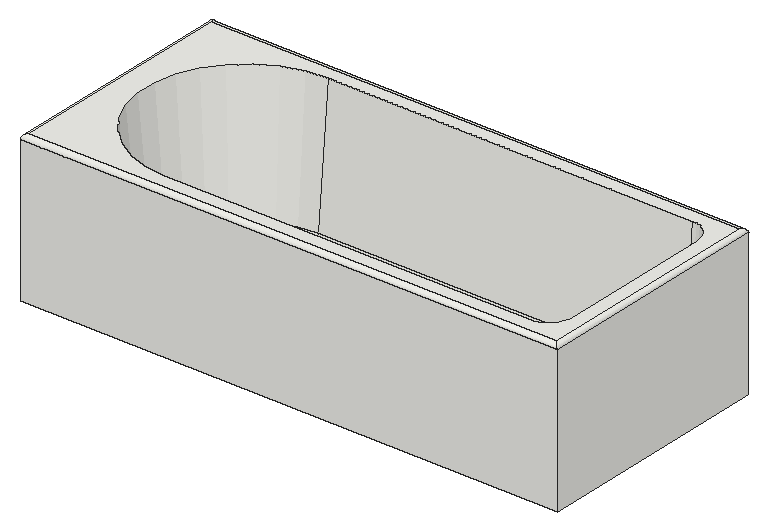
Revit family
Parameters (values of type "800 x 1800mm Long")
  Width = 800 mm
  Material Bath = Porcelain
  Manufacturer = "Revit"
  Length = 1800 mm
  Height = 500 mm
  Assembly Code = ""
Types (2, lengths in mm): name | Width | Length
  700 x 1700mm Long | 700 | 1700
  800 x 1800mm Long | 800 | 1800
Reference planes
  plane 1 "Center (Front/Back)": y = 0
  plane 2: z = 0
  plane 3 "Center (Left/Right)": x = 0
  plane 4: x = -900
  plane 5: x = 900
  plane 6: y = 400
  plane 7: y = -400
  plane 8: x = 664.334
  plane 9: x = 664.334
  plane 10: y = 0
  plane 11: z = 500
Forms (mm)
  Extrusion 1, solid, material "Porcelain"
    sketch origin (0, 0, -340) x (1, 0, 0) y (0, 1, 0)
      loop
        line (-900, 400) -> (-900, -400) -> (900, -400) -> (900, 400) -> (-900, 400)
      loop
        line (760, 340) -> (-460, 340)
        arc (-460, 340) -> (-800, 0) -> (-460, -340) r 340
        line (-460, -340) -> (760, -340)
        arc (760, -340) -> (816.569, -316.569) -> (840, -260) r 80
        line (840, -260) -> (840, 260)
        arc (840, 260) -> (816.569, 316.569) -> (760, 340) r 80
    from 340 to 840
  Extrusion 2, solid, material "Porcelain"
    sketch origin (0, 0, -340) x (1, 0, 0) y (0, 1, 0)
      loop
        line (-900, 400) -> (-900, -400) -> (900, -400) -> (900, 400) -> (-900, 400)
    from 340 to 360
  Sweep 3, solid, material "Porcelain"
    path origin (0, 0, 0) x (1, 0, 0) y (0, 1, 0)
      loop
        line (760, 340) -> (-460, 340)
        arc (-460, 340) -> (-800, 0) -> (-460, -340) r 340
        line (-460, -340) -> (760, -340)
        arc (760, -340) -> (816.569, -316.569) -> (840, -260) r 80
        line (840, -260) -> (840, 260)
        arc (840, 260) -> (816.569, 316.569) -> (760, 340) r 80
    profile origin (150, 0, 0) x (0, -1, 0) y (0, 0, 1)
      loop
        line (-340, 20) -> (-262.126, 20)
        arc (-262.126, 20) -> (-285.248, 30.453) -> (-296.856, 53.017) r 38.532
        line (-296.856, 53.017) -> (-340, 500) -> (-340, 20)
  Extrusion 4, void
    sketch origin (0, 0, 0) x (1, 0, 0) y (0, 1, 0)
      loop
        circle (664.334, 0) r 30
    from 0 to 100
  Extrusion 5, solid, material "Metal - Chrome"
    sketch origin (801.834, -300, 3.364) x (1, 0, 0) y (0, 1, 0)
      loop
        circle (-137.5, 300) r 30
      loop
        arc (-139.644, 307.224) -> (-137.594, 305.174) -> (-135.544, 307.224) r 2.05
        line (-135.544, 307.224) -> (-132.517, 321.53)
        arc (-132.517, 321.53) -> (-137.5, 326.513) -> (-142.483, 321.53) r 4.983
        line (-142.483, 321.53) -> (-139.644, 307.224)
      loop
        line (-139.644, 292.776) -> (-142.483, 278.47)
        arc (-142.483, 278.47) -> (-137.5, 273.487) -> (-132.517, 278.47) r 4.983
        line (-132.517, 278.47) -> (-135.544, 292.776)
        arc (-135.544, 292.776) -> (-137.594, 294.826) -> (-139.644, 292.776) r 2.05
      loop
        arc (-144.724, 297.856) -> (-142.674, 299.906) -> (-144.724, 301.956) r 2.05
        line (-144.724, 301.956) -> (-159.03, 304.983)
        arc (-159.03, 304.983) -> (-164.013, 300) -> (-159.03, 295.017) r 4.983
        line (-159.03, 295.017) -> (-144.724, 297.856)
      loop
        line (-130.276, 297.856) -> (-115.97, 295.017)
        arc (-115.97, 295.017) -> (-110.987, 300) -> (-115.97, 304.983) r 4.983
        line (-115.97, 304.983) -> (-130.276, 301.956)
        arc (-130.276, 301.956) -> (-132.326, 299.906) -> (-130.276, 297.856) r 2.05
      loop
        arc (-144.124, 303.593) -> (-141.225, 303.593) -> (-141.225, 306.492) r 2.05
        line (-141.225, 306.492) -> (-149.201, 318.747)
        arc (-149.201, 318.747) -> (-156.247, 318.747) -> (-156.247, 311.701) r 4.983
        line (-156.247, 311.701) -> (-144.124, 303.593)
      loop
        line (-133.907, 293.376) -> (-125.799, 281.253)
        arc (-125.799, 281.253) -> (-118.753, 281.253) -> (-118.753, 288.299) r 4.983
        line (-118.753, 288.299) -> (-131.008, 296.275)
        arc (-131.008, 296.275) -> (-133.907, 296.275) -> (-133.907, 293.376) r 2.05
      loop
        arc (-141.093, 293.376) -> (-141.093, 296.275) -> (-143.992, 296.275) r 2.05
        line (-143.992, 296.275) -> (-156.247, 288.299)
        arc (-156.247, 288.299) -> (-156.247, 281.253) -> (-149.201, 281.253) r 4.983
        line (-149.201, 281.253) -> (-141.093, 293.376)
      loop
        line (-130.876, 303.593) -> (-118.753, 311.701)
        arc (-118.753, 311.701) -> (-118.753, 318.747) -> (-125.799, 318.747) r 4.983
        line (-125.799, 318.747) -> (-133.775, 306.492)
        arc (-133.775, 306.492) -> (-133.775, 303.593) -> (-130.876, 303.593) r 2.05
    from 7.03 to 16.636
  Sweep 6, void
    path in 3D
      loop
        line (-900, 400, 500) -> (-900, -400, 500) -> (900, -400, 500) -> (900, 400, 500) -> (-900, 400, 500)
    profile origin (0, 400, 500) x (0, -1, 0) y (0, 0, 1)
      loop
        line (15, 0) -> (0, 0) -> (0, -15)
        arc (0, -15) -> (4.393, -4.393) -> (15, 0) r 15
Cuts and joins
  Extrusion 4, Sweep 6 cuts Extrusion 1
  Extrusion 4, Sweep 6 cuts Extrusion 2
  Extrusion 4, Sweep 6 cuts Sweep 3
  joined: Extrusion 1, Extrusion 2, Sweep 3
  Sweep 6 cuts Extrusion 5
Lines and regions (mm)
  Masking region 1
    outline origin (0, 0, 0) x (1, 0, 0) y (0, 1, 0)
      loop
        line (-900, -400) -> (900, -400) -> (900, 400) -> (-900, 400) -> (-900, -400)
  sketch lines
    curve 1: line (900, 400, 500) -> (-900, 400, 500)
    curve 2: line (-900, 400, 500) -> (-900, -400, 500)
    curve 3: line (-900, -400, 500) -> (900, -400, 500)
    curve 4: line (900, -400, 500) -> (900, 400, 500)
  symbolic lines
    curve 5: line (-900, -400, 0) -> (900, -400, 0)
    curve 6: line (-900, 400, 0) -> (-900, -400, 0)
    curve 7: line (900, 400, 0) -> (-900, 400, 0)
    curve 8: line (900, -400, 0) -> (900, 400, 0)
    curve 9: arc (-460, -290, 0) -> (-750, 0, 0) -> (-460, 290, 0) r 290
    curve 10: line (-460, 290, 0) -> (710, 290, 0)
    curve 11: line (710, -290, 0) -> (-460, -290, 0)
    curve 12: arc (790, -210, 0) -> (766.569, -266.569, 0) -> (710, -290, 0) r 80
    curve 13: line (790, 210, 0) -> (790, -210, 0)
    curve 14: arc (710, 290, 0) -> (766.569, 266.569, 0) -> (790, 210, 0) r 80
    curve 15: arc (634.334, 0, 0) -> (664.334, -30, 0) -> (694.334, 0, 0) r 30
    curve 16: arc (694.334, 0, 0) -> (664.334, 30, 0) -> (634.334, 0, 0) r 30
Dimensions and locks
  equal spacing: plane 4, plane 3 "Center (Left/Right)", plane 5
  "Length": plane 4 to plane 5
  equal spacing: plane 7, plane 1 "Center (Front/Back)", plane 6
  "Width": plane 7 to plane 6
  locked: cut or joined group of Extrusion 1, Extrusion 2, Sweep 3, Extrusion 4, Sweep 6 to Extrusion 1 sketch curve at 100
  cut or joined group of Extrusion 1, Extrusion 2, Sweep 3, Extrusion 4, Sweep 6 to Extrusion 5 = 9.606 mm
  plane 8 to plane 5 = 235.666 mm
  "Height": plane 11 to level
  aligned and locked: Extrusion 2 to level
  aligned and locked: Extrusion 1 to level
  aligned and locked: plane 4 to Extrusion 1
  aligned and locked: Extrusion 5 to cut or joined group of Extrusion 1, Extrusion 2, Sweep 3, Extrusion 4, Sweep 6
  aligned and locked: plane 1 "Center (Front/Back)" to Extrusion 4 sketch curve
  aligned and locked: plane 8 to Extrusion 4 sketch curve
  aligned and locked: Extrusion 5 sketch curve to plane 10
  aligned and locked: plane 9 to Extrusion 5 sketch curve
  aligned and locked: plane 9 to plane 8
  aligned and locked: plane 10 to plane 1 "Center (Front/Back)"
  aligned and locked: cut or joined group of Extrusion 1, Extrusion 2, Sweep 3, Extrusion 4, Sweep 6 to Sweep 6 sketch curve
  aligned and locked: Sweep 6 sketch curve to cut or joined group of Extrusion 1, Extrusion 2, Sweep 3, Extrusion 4, Sweep 6
  aligned and locked: curve 15 to cut or joined group of Extrusion 5, Sweep 6
  aligned and locked: curve 16 to cut or joined group of Extrusion 5, Sweep 6
  aligned and locked: Sweep 3 sketch curve to cut or joined group of Extrusion 1, Extrusion 2, Sweep 3, Extrusion 4, Sweep 6  (x3)
  aligned and locked: plane 11 to Extrusion 1
  aligned and locked: plane 11 to Sweep 3 sketch curve
  aligned: cut or joined group of Extrusion 1, Extrusion 2, Sweep 3, Extrusion 4, Sweep 6 to Masking region 1 sketch curve
  aligned: Masking region 1 sketch curve to cut or joined group of Extrusion 1, Extrusion 2, Sweep 3, Extrusion 4, Sweep 6  (x3)
Automatic sketch dimensions
  Extrusion 1 sketch curve to plane 4 = 0 mm
  Extrusion 1 sketch curve to plane 5 = 0 mm
  Extrusion 1 sketch curve to plane 7 = 0 mm
  Extrusion 1 sketch curve to plane 6 = 0 mm
  Extrusion 2 sketch curve to plane 4 = 0 mm
  Extrusion 2 sketch curve to plane 5 = 0 mm
  Extrusion 2 sketch curve to plane 7 = 0 mm
  Extrusion 2 sketch curve to plane 6 = 0 mm
  Extrusion 1 sketch curve to plane 1 "Center (Front/Back)" = 0 mm
  plane 6 to Extrusion 1 sketch curve = 60 mm
  Extrusion 1 sketch curve to plane 5 = 140 mm
  Extrusion 1 sketch curve to plane 5 = 60 mm
  Extrusion 1 sketch curve to Extrusion 1 sketch curve = 80 mm
  Extrusion 5 sketch curve to Extrusion 5 sketch curve = 2.783 mm  (x6)
  Extrusion 5 sketch curve to Extrusion 5 sketch curve = 3.523 mm  (x12)
  Extrusion 5 sketch curve to Extrusion 5 sketch curve = 14.306 mm  (x2)
  Extrusion 5 sketch curve to Extrusion 5 sketch curve = 0.6 mm  (x4)
  Extrusion 5 sketch curve to Extrusion 5 sketch curve = 0.733 mm  (x2)
  Extrusion 5 sketch curve to Extrusion 5 sketch curve = 1.449 mm  (x13)
  Extrusion 5 sketch curve to Extrusion 5 sketch curve = 6.718 mm  (x8)
  Extrusion 5 sketch curve to Extrusion 5 sketch curve = 1.582 mm  (x3)
  Extrusion 5 sketch curve to Extrusion 5 sketch curve = 2.05 mm  (x4)
  Extrusion 5 sketch curve to Extrusion 5 sketch curve = 4.983 mm  (x4)
  Extrusion 5 sketch curve to Extrusion 5 sketch curve = 0.094 mm  (x2)
  Extrusion 5 sketch curve to Extrusion 5 sketch curve = 1.636 mm  (x3)
  Extrusion 5 sketch curve to Extrusion 5 sketch curve = 1.769 mm
  Sweep 6 sketch curve to profile plane = 15 mm
  Sweep 6 sketch curve to Sweep 6 sketch curve = 0 mm  (x2)
  curve 7 to plane 4 = 0 mm
  curve 7 to plane 5 = 0 mm
  curve 5 to plane 7 = 0 mm
  curve 7 to plane 6 = 0 mm
  curve 9 to plane 1 "Center (Front/Back)" = 0 mm
  plane 6 to curve 10 = 110 mm
  plane 4 to curve 10 = 440 mm
  curve 12 to plane 8 = 45.666 mm
  curve 10 to plane 8 = 45.666 mm
  curve 14 to curve 14 = 80 mm
  Sweep 3 sketch curve to plane 8 = 95.666 mm
  Sweep 3 sketch curve to Sweep 3 sketch curve = 80 mm
  Sweep 3 sketch curve to profile plane = 0 mm
  Sweep 3 sketch curve to profile plane = 43.144 mm
  level to Sweep 3 sketch curve = 20 mm
  Sweep 3 sketch curve to Sweep 3 sketch curve = 34.731 mm
  Sweep 3 sketch curve to Sweep 3 sketch curve = 38.157 mm
  Sweep 3 sketch curve to Sweep 3 sketch curve = 33.017 mm
  Masking region 1 sketch curve to plane 4 = 0 mm
  Masking region 1 sketch curve to plane 5 = 0 mm
  Masking region 1 sketch curve to plane 7 = 0 mm
  Masking region 1 sketch curve to plane 6 = 0 mm
  radius of Extrusion 5 sketch curve = 30 mm
  radius of Extrusion 4 sketch curve = 30 mm
